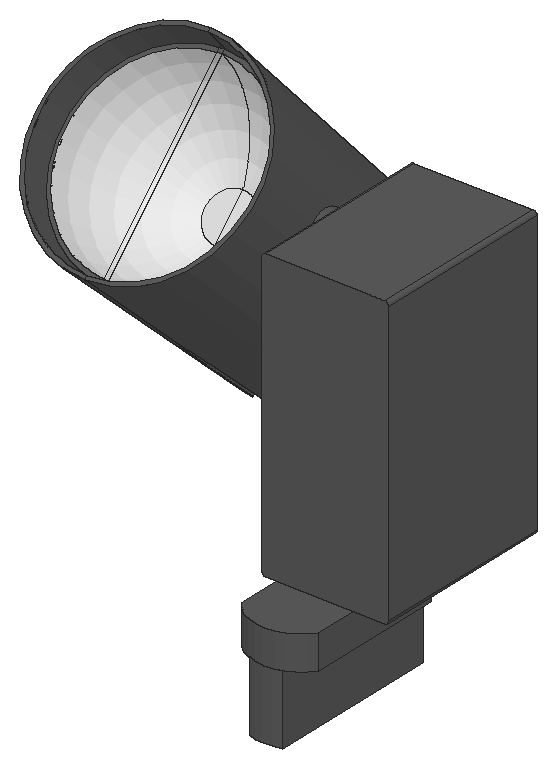
Revit family "0004851 Feilo Sylvania Lighting Fixture START TRACK SPOT S 24W 4K RA80 MB BLACK", category Lighting Fixtures, host Face, Revit 2017
Family settings
  Host = Face
  Round Connector Dimension = Use Diameter
  Part Type = Normal
  OmniClass Number = 23.80.70.00
  OmniClass Title = Lighting
  Cut with Voids When Loaded = No
  Light Source = No
  Shared = No
  Room Calculation Point = No
Parameters (values of type "0004851 START TRACK SPOT S 24W 4K RA80 MB BLACK")
  Weight = "0.966 kg"
  Wattage Comments = ""
  WarrantyStartDate [instance] = "n/a"
  WarrantyGuarantorParts = "n/a"
  WarrantyDurationUnit = "n/a"
  WarrantyDurationParts = "n/a"
  WarrantyDescription = "n/a"
  Voltage = 230 V
  URL = "http://www.sylvania-lighting.com"
  TypeName = "START TRACK SPOT S 24W 4K RA80 MB BLACK"
  TypeHead_FEILO = Start Track Spot Head : 0004851 START TRACK SPOT S 24W 4K RA80 MB BLACK
  TypeBox_FEILO = Start Track Spot Box : Type Small Black
  Type Image = <None>
  Type Comments = "n/a"
  VerticalRotation_FEILO [instance] = 0.00°
  SlideEndAngle_FEILO [instance] = VerticalRotation_FEILO + 180.00°  # 180.00°
  SerialNumber [instance] = "n/a"
  Material_3_FEILO = none
  PowerFactor = 0.95
  PowerConsumption = "24 W"
  NominalLength = 0 mm
  NominalHeight = 200 mm
  NominalDepth = 140 mm
  Name = "START TRACK SPOT S 24W 4K RA80 MB BLACK"
  ModelReference = Name  # "START TRACK SPOT S 24W 4K RA80 MB BLACK"
  ModelNumber = "0004851"
  Model = Name  # "START TRACK SPOT S 24W 4K RA80 MB BLACK"
  Material = "adc12 aluminium housing, polycarbonate diffuser"
  ManufacturerName = "Feilo Sylvania"
  Manufacturer = "Feilo Sylvania"
  LuminousEfficacy = "104 lm/W"
  LuminaireType = ""
  LightOutputRatio = "100"
  LampsType = Lamp  # "LED"
  LampNominalLuminous = "2487 lm"
  LampMacAdamStep = "3"
  LampColourTemperature = "4000 K"
  LampColourRenderingIndex = "80"
  Lamp = "LED"
  Keynote = "16500"
  InstallationDate [instance] = "n/a"
  InputVoltage = "230-240V~"
  InputNominalFrequency = "50/60 Hz"
  IngressProtection = "IP20"
  ImpactProtectionIndex = "IK02"
  IfcExportType = "IfcLightFixtureType"
  IfcExportAs = "IfcLightFixtureType"
  HorizontalRotation_FEILO [instance] = 45.00°
  ExpectedLife = 50000
  ElectricShockClassification = "Class II"
  DurationUnit = "hours"
  DocumentationLiterature = "http://www.sylvania-lighting.com/product/en-int/products/0004851"
  DimmingControlOptions = "Non dimmable"
  Material_2_FEILO = none
  Description = "Integrated LED spotlight, Textured Black - RAL9005, compact and minimalist design, ideal for retail applications, die-cast aluminium body, passive cooling heatsink. Beam angle: 36°, color temperature: 4000K , total system power: 24W, total fixture output: 2487 lm, LOR: 100%, colour rendering: Ra: 80 typical, LED Chromaticity: 3 step MacAdam ellipse, lifetime: >50000 hours at L70B50, energy class: A++, A+, A, IR/UV free light source without heat radiation, operating voltage: 220-240V / 50-60Hz, drive current: 600mA, electronic driver, non-dimmable, power factor: 0.95, electrical protection: Class II, Global Track 3 Phase adapter suitable for Global trac 3-circuit tracks, ingress protection rating: IP20, suitable for internal environment only, horizontal rotation: 355°, vertical tilt: 90°, dimensions: Ø86x140x200, weight: 0.966kg."
  Default Elevation = 1219.2 mm
  CreatedOn = "12/12/2017"
  CreatedBy = ""
  Cost = 0
  built-in parameter 1114216 [instance] = (empty or 0)
  ClassificationValue = "EF_70_80"
  ClassificationName = "Uniclass2015"
  Material_1_FEILO = Body-Sylvania-StartTrackSpot-Black
  BarCode [instance] = "n/a"
  AssetType = "Fixed"
  AssetIdentifier [instance] = "n/a"
  Assembly Code = "D5020200"
  Apparent Load = 24 VA
  Material_4_FEILO = none
Reference planes
  plane 1 "Center (Front/Back)": y = 0
  plane 2: z = 0
  plane 3 "Center (Left/Right)": x = 0
  plane 4: x = 15
  plane 5: x = -15
  plane 6: y = 35
  plane 7: y = -35
  plane 8: z = 13
  plane 9: z = -27
  plane 10: x = 6.5
  plane 11: x = -6.5
  plane 12: y = 27
  plane 13: y = -27
  plane 14: y = 20
Forms (mm)
  Extrusion 1, solid, material "Body-Sylvania-StartTrackSpot-Black" <- "Material_1_FEILO"
    sketch origin (0, 0, 0) x (1, 0, 0) y (0, 1, 0)
      loop
        line (-15, 27) -> (-15, -27)
        arc (-15, -27) -> (0, -35) -> (15, -27) r 18.062
        line (15, -27) -> (15, 27)
        arc (15, 27) -> (0, 35) -> (-15, 27) r 18.062
    from 0 to 13
  Extrusion 2, solid, material "Body-Sylvania-StartTrackSpot-Black" <- "Material_1_FEILO"
    sketch origin (0, 0, 0) x (1, 0, 0) y (0, 1, 0)
      loop
        arc (6.5, 33.79) -> (0, 35) -> (-6.5, 33.79) r 18.062
        line (-6.5, 33.79) -> (-6.5, -33.79)
        arc (-6.5, -33.79) -> (0, -35) -> (6.5, -33.79) r 18.062
        line (6.5, -33.79) -> (6.5, 33.79)
    from 0 to -27
  Revolve 3, solid, not visible
    sketch origin (1524, 20, 1219.2) x (1, 0, 0) y (0, 0, 1)
      loop
        line (-1524, -1206.2) -> (-1524, -1191.285) -> (-1530.5, -1191.285) -> (-1530.5, -1206.2) -> (-1524, -1206.2)
      axis (-1524, -1191.285) -> (-1524, -1206.2)
    angle from 0 <- "VerticalRotation_FEILO" to 180 <- "SlideEndAngle_FEILO"
Cuts and joins
  joined: Extrusion 1, Extrusion 2
Dimensions and locks
  equal spacing: plane 10, plane 3 "Center (Left/Right)", plane 11
  equal spacing: plane 4, plane 3 "Center (Left/Right)", plane 5
  locked: plane 8 to plane 2 at 13
  locked: plane 8 to plane 9 at 40
  equal spacing: plane 13, plane 1 "Center (Front/Back)", plane 12
  locked: plane 12 to plane 6 at 8
  locked: plane 14 to plane 6 at 15
  locked: Revolve 3 sketch curve to plane 8 at 14.915
  aligned and locked: plane 2 to host face
  aligned and locked: level to host face
  aligned and locked: plane 5 to Extrusion 1 sketch curve  (x2)
  aligned and locked: plane 12 to Extrusion 1 sketch curve
  aligned and locked: plane 13 to Extrusion 1 sketch curve
  aligned and locked: plane 4 to Extrusion 1 sketch curve
  aligned and locked: Extrusion 1 to plane 8
  aligned and locked: Extrusion 1 to level
  aligned and locked: Extrusion 2 sketch curve to Extrusion 1  (x2)
  aligned and locked: Extrusion 2 sketch curve to plane 11
  aligned and locked: plane 10 to Extrusion 2 sketch curve
  aligned and locked: plane 9 to Extrusion 2
  aligned and locked: level to Extrusion 2
  aligned and locked: Revolve 3 sketch curve to plane 3 "Center (Left/Right)"  (x2)
  aligned and locked: plane 11 to Revolve 3 sketch curve
  aligned and locked: Revolve 3 sketch curve to plane 8
Automatic sketch dimensions
  host sketch curve to host sketch curve = 2438.4 mm  (x2)
  Extrusion 1 sketch curve to plane 3 "Center (Left/Right)" = 0 mm  (x2)
  Extrusion 1 sketch curve to plane 13 = 10.062 mm
  plane 12 to Extrusion 1 sketch curve = 10.062 mm
  Revolve 3 sketch curve to plane 3 "Center (Left/Right)" = 0 mm
  plane 9 to Revolve 3 sketch curve = 582.6 mm
  Revolve 3 sketch curve to Revolve 3 sketch curve = 2581.144 mm
Nested families
  nested 1: "Start Track Spot Head" at (-62, 20, 112.529) x (0, 0.7071, 0.7071) z (0, 0.7071, -0.7071), type <- "TypeHead_FEILO", type "0004851 START TRACK SPOT S 24W 4K RA80 MB BLACK"
    with built-in parameter 1114216 (empty or 0)
  nested 2: "Start Track Spot Box" at (8.5, 20, 73) x (-1, 0, 0) z (0, -1, 0), BoxStartAngle_FEILO <- "HorizontalRotation_FEILO", type <- "TypeBox_FEILO", type "Type Small Black"
    with BoxStartAngle_FEILO 45.00°, BoxEndAngle_FEILO -135.00°
Connectors
  electrical at (0, 0, 0), driven by "Apparent Load", driven by "PowerFactor", driven by "Voltage"
    settings: index 1, voltage 230 V, apparent load 24 VA, apparent load phase1 0 VA, apparent load phase2 0 VA, apparent load phase3 0 VA, power factor 0.95, load classification "Lighting", number of poles 1, system type 30, power factor state 1, is connector primary yes, connector utility no, sub classification motor no, connector description ""
Definition of nested family "Start Track Spot Head"
  Parameters (values of type "0004811 START TRACK SPOT S 14W 3K RA80 NB WHITE")
    Wattage Comments = "n/a"
    Wattage = 14 W
    built-in parameter 1150110 = 1 (stored number, unit not read)
    URL = "http://www.feilosylvania.com"
    Type Image = (empty or 0)
    Type Comments = "n/a"
    built-in parameter 1114217 = 1 (stored number, unit not read)
    Tilt Angle = -90.00°
    built-in parameter 1150109 = 1 (stored number, unit not read)
    built-in parameter 1150134 = (empty or 0)
    built-in parameter 1150113 = 1 (stored number, unit not read)
    Photometric Web File = "0004811.ies"
    Material_3_FEILO = none
    Model = "START TRACK SPOT S 14W 3K RA80 NB WHITE"
    Manufacturer = "Feilo Sylvania"
    built-in parameter 1150105 = 123.66 (stored number, unit not read)
    Lumens = 1554 lm
    built-in parameter 1150115 = 1 (stored number, unit not read)
    built-in parameter 1150137 = (empty or 0)
    built-in parameter 1150139 = (empty or 0)
    built-in parameter 1150112 = 1 (stored number, unit not read)
    built-in parameter 1150114 = 1 (stored number, unit not read)
    Lamp = "LED"
    Keynote = "16500"
    Material_2_FEILO = none
    built-in parameter 1150132 = (empty or 0)
    built-in parameter 1150102 = (empty or 0)
    built-in parameter 1150107 = 3000 (stored number, unit not read)
    built-in parameter 1150138 = (empty or 0)
    built-in parameter 1150106 = 1.2366 (stored number, unit not read)
    HeadThickness_FEILO = if(HeadDiaOut_FEILO > 112 mm, 2 mm, 1.5 mm)  # 1.5 mm
    HeadRibOffset_FEILO = HeadHeight_FEILO / 28  # 4.179 mm
    HeadRibDepth_FEILO = HeadHeight_FEILO / 2.1  # 55.714 mm
    HeadRibCutWidth_FEILO = HeadDiaOut_FEILO / 12  # 7.167 mm
    HeadRibCutOffset_FEILO = HeadHeight_FEILO / 2.3  # 50.87 mm
    HeadReflectorRadius_FEILO = HeadDiaOut_FEILO / 1.7  # 50.588 mm
    HeadReflectorOffset_FEILO = HeadHeight_FEILO / 2.1  # 55.714 mm
    HeadLEDRadius_FEILO = HeadDiaOut_FEILO / 9  # 9.556 mm
    HeadHeight_FEILO = 117 mm
    HeadDraft_FEILO = 1 mm
    HeadDiffusorThickness_FEILO = 3 mm
    HeadDiffusorOffset_FEILO = HeadHeight_FEILO / 12.4  # 9.435 mm
    HeadDiaOut_FEILO = 86 mm
    HeadDiaIn_FEILO = HeadDiaOut_FEILO / 1.11  # 77.477 mm
    HeadAxisFromTop_FEILO = HeadHeight_FEILO / 1.687  # 69.354 mm
    Emit from Circle Diameter = HeadDiaIn_FEILO  # 77.477 mm
    Emit Shape Visible in Rendering = no
    built-in parameter 1150104 = 10.312 (stored number, unit not read)
    Dimming Lamp Color Temperature Shift = (empty or 0)
    Description = "Integrated LED spotlight, Textured White - RAL9016, compact and minimalist design, ideal for retail applications, die-cast aluminium body, passive cooling heatsink. Beam angle: 12°, color temperature: 3000K , total system power: 14W, total fixture output: 1551 lm, LOR: 100%, colour rendering: Ra: 80 typical, LED Chromaticity: 3 step MacAdam ellipse, lifetime: >50000 hours at L70B50, energy class: A++, A+, A, IR/UV free light source without heat radiation, operating voltage: 220-240V / 50-60Hz, drive current: 350mA, electronic driver, non-dimmable, power factor: 0.92, electrical protection: Class II, Global Track 3 Phase adapter suitable for Global trac 3-circuit tracks, ingress protection rating: IP20, suitable for internal environment only, horizontal rotation: 355°, vertical tilt: 90°, dimensions: Ø86x140x200, weight: 0.940kg."
    Default Elevation = 1219.2 mm
    Cost = 0
    Color Filter = 16777215
    built-in parameter 1114216 [instance] = (empty or 0)
    Material_1_FEILO = none
    built-in parameter 1114218 = 1 (stored number, unit not read)
    built-in parameter 1150133 = 10 (stored number, unit not read)
    Assembly Code = "D5020200"
    Apparent Load = 14 VA
    Material_4_FEILO = none
  Types (96, lengths in mm): name | Wattage | built-in parameter 1150134 | Photometric Web File | Model | built-in parameter 1150105 | Lumens | built-in parameter 1150107 | built-in parameter 1150106 | HeadThickness_FEILO | HeadRibOffset_FEILO | HeadRibDepth_FEILO | HeadRibCutWidth_FEILO | HeadRibCutOffset_FEILO | HeadReflectorRadius_FEILO | HeadReflectorOffset_FEILO | HeadLEDRadius_FEILO | HeadHeight_FEILO | HeadDiffusorOffset_FEILO | HeadDiaOut_FEILO | HeadDiaIn_FEILO | HeadAxisFromTop_FEILO | Emit from Circle Diameter | built-in parameter 1150104 | Description | Apparent Load
    0004906 START TRACK SPOT L 55W 4K RA90 WB BLACK | 55 W | 12 | "0004906.ies" | "START TRACK SPOT L 55W 4K RA90 WB BLACK" | 385.15 (stored number, unit not read) | 4840 lm | 4000 (stored number, unit not read) | 3.8515 (stored number, unit not read) | 2 | 4.429 | 59.048 | 9.417 | 53.913 | 66.471 | 59.048 | 12.556 | 124 | 10 | 113 | 101.802 | 73.503 | 101.802 | 8.1755 (stored number, unit not read) | "Integrated LED spotlight, Textured Black - RAL9005, compact and minimalist design, ideal for retail applications, die-cast aluminium body, passive cooling heatsink. Beam angle: 52°, color temperature: 4000K , total system power: 55W, total fixture output: 4824 lm, LOR: 100%, colour rendering: Ra: 90 typical, LED Chromaticity: 3 step MacAdam ellipse, lifetime: >50000 hours at L70B50, energy class: A++, A+, A, IR/UV free light source without heat radiation, operating voltage: 220-240V / 50-60Hz, drive current: 1400mA, electronic driver, non-dimmable, power factor: 0.96, electrical protection: Class II, Global Track 3 Phase adapter suitable for Global trac 3-circuit tracks, ingress protection rating: IP20, suitable for internal environment only, horizontal rotation: 355°, vertical tilt: 90°, dimensions: Ø113x164x240, weight: 1.398kg." | 55 VA
    0004905 START TRACK SPOT L 55W 4K RA90 MB BLACK | 55 W | 12 | "0004905.ies" | "START TRACK SPOT L 55W 4K RA90 MB BLACK" | 389.53 (stored number, unit not read) | 4895 lm | 4000 (stored number, unit not read) | 3.8953 (stored number, unit not read) | 2 | 4.429 | 59.048 | 9.417 | 53.913 | 66.471 | 59.048 | 12.556 | 124 | 10 | 113 | 101.802 | 73.503 | 101.802 | 8.2684 (stored number, unit not read) | "Integrated LED spotlight, Textured Black - RAL9005, compact and minimalist design, ideal for retail applications, die-cast aluminium body, passive cooling heatsink. Beam angle: 38°, color temperature: 4000K , total system power: 55W, total fixture output: 4897 lm, LOR: 100%, colour rendering: Ra: 90 typical, LED Chromaticity: 3 step MacAdam ellipse, lifetime: >50000 hours at L70B50, energy class: A++, A+, A, IR/UV free light source without heat radiation, operating voltage: 220-240V / 50-60Hz, drive current: 1400mA, electronic driver, non-dimmable, power factor: 0.96, electrical protection: Class II, Global Track 3 Phase adapter suitable for Global trac 3-circuit tracks, ingress protection rating: IP20, suitable for internal environment only, horizontal rotation: 355°, vertical tilt: 90°, dimensions: Ø113x164x240, weight: 1.398kg." | 55 VA
    0004904 START TRACK SPOT L 55W 4K RA90 NB BLACK | 55 W | 12 | "0004904.ies" | "START TRACK SPOT L 55W 4K RA90 NB BLACK" | 393.91 (stored number, unit not read) | 4950 lm | 4000 (stored number, unit not read) | 3.9391 (stored number, unit not read) | 2 | 4.429 | 59.048 | 9.417 | 53.913 | 66.471 | 59.048 | 12.556 | 124 | 10 | 113 | 101.802 | 73.503 | 101.802 | 8.3613 (stored number, unit not read) | "Integrated LED spotlight, Textured Black - RAL9005, compact and minimalist design, ideal for retail applications, die-cast aluminium body, passive cooling heatsink. Beam angle: 15°, color temperature: 4000K , total system power: 55W, total fixture output: 4965 lm, LOR: 100%, colour rendering: Ra: 90 typical, LED Chromaticity: 3 step MacAdam ellipse, lifetime: >50000 hours at L70B50, energy class: A++, A+, A, IR/UV free light source without heat radiation, operating voltage: 220-240V / 50-60Hz, drive current: 1400mA, electronic driver, non-dimmable, power factor: 0.96, electrical protection: Class II, Global Track 3 Phase adapter suitable for Global trac 3-circuit tracks, ingress protection rating: IP20, suitable for internal environment only, horizontal rotation: 355°, vertical tilt: 90°, dimensions: Ø113x164x240, weight: 1.398kg." | 55 VA
    0004903 START TRACK SPOT L 35W 4K RA90 WB BLACK | 35 W | 12 | "0004903.ies" | "START TRACK SPOT L 35W 4K RA90 WB BLACK" | 284.09 (stored number, unit not read) | 3570 lm | 4000 (stored number, unit not read) | 2.8409 (stored number, unit not read) | 2 | 4.429 | 59.048 | 9.417 | 53.913 | 66.471 | 59.048 | 12.556 | 124 | 10 | 113 | 101.802 | 73.503 | 101.802 | 9.4761 (stored number, unit not read) | "Integrated LED spotlight, Textured Black - RAL9005, compact and minimalist design, ideal for retail applications, die-cast aluminium body, passive cooling heatsink. Beam angle: 52°, color temperature: 4000K , total system power: 35W, total fixture output: 3562 lm, LOR: 100%, colour rendering: Ra: 90 typical, LED Chromaticity: 3 step MacAdam ellipse, lifetime: >50000 hours at L70B50, energy class: A++, A+, A, IR/UV free light source without heat radiation, operating voltage: 220-240V / 50-60Hz, drive current: 900mA, electronic driver, non-dimmable, power factor: 0.93, electrical protection: Class II, Global Track 3 Phase adapter suitable for Global trac 3-circuit tracks, ingress protection rating: IP20, suitable for internal environment only, horizontal rotation: 355°, vertical tilt: 90°, dimensions: Ø113x164x240, weight: 1.368kg." | 35 VA
    0004902 START TRACK SPOT L 35W 4K RA90 MB BLACK | 35 W | 12 | "0004902.ies" | "START TRACK SPOT L 35W 4K RA90 MB BLACK" | 286.88 (stored number, unit not read) | 3605 lm | 4000 (stored number, unit not read) | 2.8688 (stored number, unit not read) | 2 | 4.429 | 59.048 | 9.417 | 53.913 | 66.471 | 59.048 | 12.556 | 124 | 10 | 113 | 101.802 | 73.503 | 101.802 | 9.569 (stored number, unit not read) | "Integrated LED spotlight, Textured Black - RAL9005, compact and minimalist design, ideal for retail applications, die-cast aluminium body, passive cooling heatsink. Beam angle: 38°, color temperature: 4000K , total system power: 35W, total fixture output: 3616 lm, LOR: 100%, colour rendering: Ra: 90 typical, LED Chromaticity: 3 step MacAdam ellipse, lifetime: >50000 hours at L70B50, energy class: A++, A+, A, IR/UV free light source without heat radiation, operating voltage: 220-240V / 50-60Hz, drive current: 900mA, electronic driver, non-dimmable, power factor: 0.93, electrical protection: Class II, Global Track 3 Phase adapter suitable for Global trac 3-circuit tracks, ingress protection rating: IP20, suitable for internal environment only, horizontal rotation: 355°, vertical tilt: 90°, dimensions: Ø113x164x240, weight: 1.368kg." | 35 VA
    0004901 START TRACK SPOT L 35W 4K RA90 NB BLACK | 35 W | 12 | "0004901.ies" | "START TRACK SPOT L 35W 4K RA90 NB BLACK" | 286.88 (stored number, unit not read) | 3605 lm | 4000 (stored number, unit not read) | 2.8688 (stored number, unit not read) | 2 | 4.429 | 59.048 | 9.417 | 53.913 | 66.471 | 59.048 | 12.556 | 124 | 10 | 113 | 101.802 | 73.503 | 101.802 | 9.569 (stored number, unit not read) | "Integrated LED spotlight, Textured Black - RAL9005, compact and minimalist design, ideal for retail applications, die-cast aluminium body, passive cooling heatsink. Beam angle: 15°, color temperature: 4000K , total system power: 35W, total fixture output: 3593 lm, LOR: 100%, colour rendering: Ra: 90 typical, LED Chromaticity: 3 step MacAdam ellipse, lifetime: >50000 hours at L70B50, energy class: A++, A+, A, IR/UV free light source without heat radiation, operating voltage: 220-240V / 50-60Hz, drive current: 900mA, electronic driver, non-dimmable, power factor: 0.93, electrical protection: Class II, Global Track 3 Phase adapter suitable for Global trac 3-circuit tracks, ingress protection rating: IP20, suitable for internal environment only, horizontal rotation: 355°, vertical tilt: 90°, dimensions: Ø113x164x240, weight: 1.368kg." | 35 VA
    0004900 START TRACK SPOT S 24W 4K RA90 WB BLACK | 24 W | 12 | "0004900.ies" | "START TRACK SPOT S 24W 4K RA90 WB BLACK" | 166.16 (stored number, unit not read) | 2088 lm | 4000 (stored number, unit not read) | 1.6616 (stored number, unit not read) | 1.5 | 4.179 | 55.714 | 7.167 | 50.87 | 50.588 | 55.714 | 9.556 | 117 | 9.435 | 86 | 77.477 | 69.354 | 77.477 | 8.0826 (stored number, unit not read) | "Integrated LED spotlight, Textured Black - RAL9005, compact and minimalist design, ideal for retail applications, die-cast aluminium body, passive cooling heatsink. Beam angle: 64°, color temperature: 4000K , total system power: 24W, total fixture output: 2087 lm, LOR: 100%, colour rendering: Ra: 90 typical, LED Chromaticity: 3 step MacAdam ellipse, lifetime: >50000 hours at L70B50, energy class: A++, A+, A, IR/UV free light source without heat radiation, operating voltage: 220-240V / 50-60Hz, drive current: 600mA, electronic driver, non-dimmable, power factor: 0.95, electrical protection: Class II, Global Track 3 Phase adapter suitable for Global trac 3-circuit tracks, ingress protection rating: IP20, suitable for internal environment only, horizontal rotation: 355°, vertical tilt: 90°, dimensions: Ø86x140x200, weight: 0.966kg." | 24 VA
    0004899 START TRACK SPOT S 24W 4K RA90 MB BLACK | 24 W | 12 | "0004899.ies" | "START TRACK SPOT S 24W 4K RA90 MB BLACK" | 169.98 (stored number, unit not read) | 2136 lm | 4000 (stored number, unit not read) | 1.6998 (stored number, unit not read) | 1.5 | 4.179 | 55.714 | 7.167 | 50.87 | 50.588 | 55.714 | 9.556 | 117 | 9.435 | 86 | 77.477 | 69.354 | 77.477 | 8.2684 (stored number, unit not read) | "Integrated LED spotlight, Textured Black - RAL9005, compact and minimalist design, ideal for retail applications, die-cast aluminium body, passive cooling heatsink. Beam angle: 36°, color temperature: 4000K , total system power: 24W, total fixture output: 2141 lm, LOR: 100%, colour rendering: Ra: 90 typical, LED Chromaticity: 3 step MacAdam ellipse, lifetime: >50000 hours at L70B50, energy class: A++, A+, A, IR/UV free light source without heat radiation, operating voltage: 220-240V / 50-60Hz, drive current: 600mA, electronic driver, non-dimmable, power factor: 0.95, electrical protection: Class II, Global Track 3 Phase adapter suitable for Global trac 3-circuit tracks, ingress protection rating: IP20, suitable for internal environment only, horizontal rotation: 355°, vertical tilt: 90°, dimensions: Ø86x140x200, weight: 0.966kg." | 24 VA
    0004898 START TRACK SPOT S 24W 4K RA90 NB BLACK | 24 W | 12 | "0004898.ies" | "START TRACK SPOT S 24W 4K RA90 NB BLACK" | 171.89 (stored number, unit not read) | 2160 lm | 4000 (stored number, unit not read) | 1.7189 (stored number, unit not read) | 1.5 | 4.179 | 55.714 | 7.167 | 50.87 | 50.588 | 55.714 | 9.556 | 117 | 9.435 | 86 | 77.477 | 69.354 | 77.477 | 8.3613 (stored number, unit not read) | "Integrated LED spotlight, Textured Black - RAL9005, compact and minimalist design, ideal for retail applications, die-cast aluminium body, passive cooling heatsink. Beam angle: 12°, color temperature: 4000K , total system power: 24W, total fixture output: 2155 lm, LOR: 100%, colour rendering: Ra: 90 typical, LED Chromaticity: 3 step MacAdam ellipse, lifetime: >50000 hours at L70B50, energy class: A++, A+, A, IR/UV free light source without heat radiation, operating voltage: 220-240V / 50-60Hz, drive current: 600mA, electronic driver, non-dimmable, power factor: 0.95, electrical protection: Class II, Global Track 3 Phase adapter suitable for Global trac 3-circuit tracks, ingress protection rating: IP20, suitable for internal environment only, horizontal rotation: 355°, vertical tilt: 90°, dimensions: Ø86x140x200, weight: 0.966kg." | 24 VA
    0004897 START TRACK SPOT S 14W 4K RA90 WB BLACK | 14 W | 12 | "0004897.ies" | "START TRACK SPOT S 14W 4K RA90 WB BLACK" | 108.07 (stored number, unit not read) | 1358 lm | 4000 (stored number, unit not read) | 1.0807 (stored number, unit not read) | 1.5 | 4.179 | 55.714 | 7.167 | 50.87 | 50.588 | 55.714 | 9.556 | 117 | 9.435 | 86 | 77.477 | 69.354 | 77.477 | 9.0116 (stored number, unit not read) | "Integrated LED spotlight, Textured Black - RAL9005, compact and minimalist design, ideal for retail applications, die-cast aluminium body, passive cooling heatsink. Beam angle: 64°, color temperature: 4000K , total system power: 14W, total fixture output: 1352 lm, LOR: 100%, colour rendering: Ra: 90 typical, LED Chromaticity: 3 step MacAdam ellipse, lifetime: >50000 hours at L70B50, energy class: A++, A+, A, IR/UV free light source without heat radiation, operating voltage: 220-240V / 50-60Hz, drive current: 350mA, electronic driver, non-dimmable, power factor: 0.92, electrical protection: Class II, Global Track 3 Phase adapter suitable for Global trac 3-circuit tracks, ingress protection rating: IP20, suitable for internal environment only, horizontal rotation: 355°, vertical tilt: 90°, dimensions: Ø86x140x200, weight: 0.940kg." | 14 VA
    0004896 START TRACK SPOT S 14W 4K RA90 MB BLACK | 14 W | 12 | "0004896.ies" | "START TRACK SPOT S 14W 4K RA90 MB BLACK" | 108.07 (stored number, unit not read) | 1358 lm | 4000 (stored number, unit not read) | 1.0807 (stored number, unit not read) | 1.5 | 4.179 | 55.714 | 7.167 | 50.87 | 50.588 | 55.714 | 9.556 | 117 | 9.435 | 86 | 77.477 | 69.354 | 77.477 | 9.0116 (stored number, unit not read) | "Integrated LED spotlight, Textured Black - RAL9005, compact and minimalist design, ideal for retail applications, die-cast aluminium body, passive cooling heatsink. Beam angle: 36°, color temperature: 4000K , total system power: 14W, total fixture output: 1359 lm, LOR: 100%, colour rendering: Ra: 90 typical, LED Chromaticity: 3 step MacAdam ellipse, lifetime: >50000 hours at L70B50, energy class: A++, A+, A, IR/UV free light source without heat radiation, operating voltage: 220-240V / 50-60Hz, drive current: 350mA, electronic driver, non-dimmable, power factor: 0.92, electrical protection: Class II, Global Track 3 Phase adapter suitable for Global trac 3-circuit tracks, ingress protection rating: IP20, suitable for internal environment only, horizontal rotation: 355°, vertical tilt: 90°, dimensions: Ø86x140x200, weight: 0.940kg." | 14 VA
    0004895 START TRACK SPOT S 14W 4K RA90 NB BLACK | 14 W | 12 | "0004895.ies" | "START TRACK SPOT S 14W 4K RA90 NB BLACK" | 106.95 (stored number, unit not read) | 1344 lm | 4000 (stored number, unit not read) | 1.0695 (stored number, unit not read) | 1.5 | 4.179 | 55.714 | 7.167 | 50.87 | 50.588 | 55.714 | 9.556 | 117 | 9.435 | 86 | 77.477 | 69.354 | 77.477 | 8.9187 (stored number, unit not read) | "Integrated LED spotlight, Textured Black - RAL9005, compact and minimalist design, ideal for retail applications, die-cast aluminium body, passive cooling heatsink. Beam angle: 12°, color temperature: 4000K , total system power: 14W, total fixture output: 1349 lm, LOR: 100%, colour rendering: Ra: 90 typical, LED Chromaticity: 3 step MacAdam ellipse, lifetime: >50000 hours at L70B50, energy class: A++, A+, A, IR/UV free light source without heat radiation, operating voltage: 220-240V / 50-60Hz, drive current: 350mA, electronic driver, non-dimmable, power factor: 0.92, electrical protection: Class II, Global Track 3 Phase adapter suitable for Global trac 3-circuit tracks, ingress protection rating: IP20, suitable for internal environment only, horizontal rotation: 355°, vertical tilt: 90°, dimensions: Ø86x140x200, weight: 0.940kg." | 14 VA
    0004894 START TRACK SPOT L 55W 3K RA90 WB BLACK | 55 W | (empty or 0) | "0004894.ies" | "START TRACK SPOT L 55W 3K RA90 WB BLACK" | 350.14 (stored number, unit not read) | 4400 lm | 3000 (stored number, unit not read) | 3.5014 (stored number, unit not read) | 2 | 4.429 | 59.048 | 9.417 | 53.913 | 66.471 | 59.048 | 12.556 | 124 | 10 | 113 | 101.802 | 73.503 | 101.802 | 7.4322 (stored number, unit not read) | "Integrated LED spotlight, Textured Black - RAL9005, compact and minimalist design, ideal for retail applications, die-cast aluminium body, passive cooling heatsink. Beam angle: 52°, color temperature: 3000K , total system power: 55W, total fixture output: 4405 lm, LOR: 100%, colour rendering: Ra: 90 typical, LED Chromaticity: 3 step MacAdam ellipse, lifetime: >50000 hours at L70B50, energy class: A++, A+, A, IR/UV free light source without heat radiation, operating voltage: 220-240V / 50-60Hz, drive current: 1400mA, electronic driver, non-dimmable, power factor: 0.96, electrical protection: Class II, Global Track 3 Phase adapter suitable for Global trac 3-circuit tracks, ingress protection rating: IP20, suitable for internal environment only, horizontal rotation: 355°, vertical tilt: 90°, dimensions: Ø113x164x240, weight: 1.398kg." | 55 VA
    0004893 START TRACK SPOT L 55W 3K RA90 MB BLACK | 55 W | (empty or 0) | "0004893.ies" | "START TRACK SPOT L 55W 3K RA90 MB BLACK" | 354.52 (stored number, unit not read) | 4455 lm | 3000 (stored number, unit not read) | 3.5452 (stored number, unit not read) | 2 | 4.429 | 59.048 | 9.417 | 53.913 | 66.471 | 59.048 | 12.556 | 124 | 10 | 113 | 101.802 | 73.503 | 101.802 | 7.5251 (stored number, unit not read) | "Integrated LED spotlight, Textured Black - RAL9005, compact and minimalist design, ideal for retail applications, die-cast aluminium body, passive cooling heatsink. Beam angle: 38°, color temperature: 3000K , total system power: 55W, total fixture output: 4448 lm, LOR: 100%, colour rendering: Ra: 90 typical, LED Chromaticity: 3 step MacAdam ellipse, lifetime: >50000 hours at L70B50, energy class: A++, A+, A, IR/UV free light source without heat radiation, operating voltage: 220-240V / 50-60Hz, drive current: 1400mA, electronic driver, non-dimmable, power factor: 0.96, electrical protection: Class II, Global Track 3 Phase adapter suitable for Global trac 3-circuit tracks, ingress protection rating: IP20, suitable for internal environment only, horizontal rotation: 355°, vertical tilt: 90°, dimensions: Ø113x164x240, weight: 1.398kg." | 55 VA
    0004892 START TRACK SPOT L 55W 3K RA90 NB BLACK | 55 W | (empty or 0) | "0004892.ies" | "START TRACK SPOT L 55W 3K RA90 NB BLACK" | 350.14 (stored number, unit not read) | 4400 lm | 3000 (stored number, unit not read) | 3.5014 (stored number, unit not read) | 2 | 4.429 | 59.048 | 9.417 | 53.913 | 66.471 | 59.048 | 12.556 | 124 | 10 | 113 | 101.802 | 73.503 | 101.802 | 7.4322 (stored number, unit not read) | "Integrated LED spotlight, Textured Black - RAL9005, compact and minimalist design, ideal for retail applications, die-cast aluminium body, passive cooling heatsink. Beam angle: 15°, color temperature: 3000K , total system power: 55W, total fixture output: 4416 lm, LOR: 100%, colour rendering: Ra: 90 typical, LED Chromaticity: 3 step MacAdam ellipse, lifetime: >50000 hours at L70B50, energy class: A++, A+, A, IR/UV free light source without heat radiation, operating voltage: 220-240V / 50-60Hz, drive current: 1400mA, electronic driver, non-dimmable, power factor: 0.96, electrical protection: Class II, Global Track 3 Phase adapter suitable for Global trac 3-circuit tracks, ingress protection rating: IP20, suitable for internal environment only, horizontal rotation: 355°, vertical tilt: 90°, dimensions: Ø113x164x240, weight: 1.398kg." | 55 VA
    0004891 START TRACK SPOT L 35W 3K RA90 WB BLACK | 35 W | (empty or 0) | "0004891.ies" | "START TRACK SPOT L 35W 3K RA90 WB BLACK" | 259.02 (stored number, unit not read) | 3255 lm | 3000 (stored number, unit not read) | 2.5902 (stored number, unit not read) | 2 | 4.429 | 59.048 | 9.417 | 53.913 | 66.471 | 59.048 | 12.556 | 124 | 10 | 113 | 101.802 | 73.503 | 101.802 | 8.64 (stored number, unit not read) | "Integrated LED spotlight, Textured Black - RAL9005, compact and minimalist design, ideal for retail applications, die-cast aluminium body, passive cooling heatsink. Beam angle: 52°, color temperature: 3000K , total system power: 35W, total fixture output: 3260 lm, LOR: 100%, colour rendering: Ra: 90 typical, LED Chromaticity: 3 step MacAdam ellipse, lifetime: >50000 hours at L70B50, energy class: A++, A+, A, IR/UV free light source without heat radiation, operating voltage: 220-240V / 50-60Hz, drive current: 900mA, electronic driver, non-dimmable, power factor: 0.93, electrical protection: Class II, Global Track 3 Phase adapter suitable for Global trac 3-circuit tracks, ingress protection rating: IP20, suitable for internal environment only, horizontal rotation: 355°, vertical tilt: 90°, dimensions: Ø113x164x240, weight: 1.368kg." | 35 VA
    0004890 START TRACK SPOT L 35W 3K RA90 MB BLACK | 35 W | (empty or 0) | "0004890.ies" | "START TRACK SPOT L 35W 3K RA90 MB BLACK" | 261.81 (stored number, unit not read) | 3290 lm | 3000 (stored number, unit not read) | 2.6181 (stored number, unit not read) | 2 | 4.429 | 59.048 | 9.417 | 53.913 | 66.471 | 59.048 | 12.556 | 124 | 10 | 113 | 101.802 | 73.503 | 101.802 | 8.7329 (stored number, unit not read) | "Integrated LED spotlight, Textured Black - RAL9005, compact and minimalist design, ideal for retail applications, die-cast aluminium body, passive cooling heatsink. Beam angle: 38°, color temperature: 3000K , total system power: 35W, total fixture output: 3306 lm, LOR: 100%, colour rendering: Ra: 90 typical, LED Chromaticity: 3 step MacAdam ellipse, lifetime: >50000 hours at L70B50, energy class: A++, A+, A, IR/UV free light source without heat radiation, operating voltage: 220-240V / 50-60Hz, drive current: 900mA, electronic driver, non-dimmable, power factor: 0.93, electrical protection: Class II, Global Track 3 Phase adapter suitable for Global trac 3-circuit tracks, ingress protection rating: IP20, suitable for internal environment only, horizontal rotation: 355°, vertical tilt: 90°, dimensions: Ø113x164x240, weight: 1.368kg." | 35 VA
    0004889 START TRACK SPOT L 35W 3K RA90 NB BLACK | 35 W | (empty or 0) | "0004889.ies" | "START TRACK SPOT L 35W 3K RA90 NB BLACK" | 261.81 (stored number, unit not read) | 3290 lm | 3000 (stored number, unit not read) | 2.6181 (stored number, unit not read) | 2 | 4.429 | 59.048 | 9.417 | 53.913 | 66.471 | 59.048 | 12.556 | 124 | 10 | 113 | 101.802 | 73.503 | 101.802 | 8.7329 (stored number, unit not read) | "Integrated LED spotlight, Textured Black - RAL9005, compact and minimalist design, ideal for retail applications, die-cast aluminium body, passive cooling heatsink. Beam angle: 15°, color temperature: 3000K , total system power: 35W, total fixture output: 3287 lm, LOR: 100%, colour rendering: Ra: 90 typical, LED Chromaticity: 3 step MacAdam ellipse, lifetime: >50000 hours at L70B50, energy class: A++, A+, A, IR/UV free light source without heat radiation, operating voltage: 220-240V / 50-60Hz, drive current: 900mA, electronic driver, non-dimmable, power factor: 0.93, electrical protection: Class II, Global Track 3 Phase adapter suitable for Global trac 3-circuit tracks, ingress protection rating: IP20, suitable for internal environment only, horizontal rotation: 355°, vertical tilt: 90°, dimensions: Ø113x164x240, weight: 1.368kg." | 35 VA
    0004888 START TRACK SPOT S 24W 3K RA90 WB BLACK | 24 W | (empty or 0) | "0004888.ies" | "START TRACK SPOT S 24W 3K RA90 WB BLACK" | 152.79 (stored number, unit not read) | 1920 lm | 3000 (stored number, unit not read) | 1.5279 (stored number, unit not read) | 1.5 | 4.179 | 55.714 | 7.167 | 50.87 | 50.588 | 55.714 | 9.556 | 117 | 9.435 | 86 | 77.477 | 69.354 | 77.477 | 7.4322 (stored number, unit not read) | "Integrated LED spotlight, Textured Black - RAL9005, compact and minimalist design, ideal for retail applications, die-cast aluminium body, passive cooling heatsink. Beam angle: 64°, color temperature: 3000K , total system power: 24W, total fixture output: 1928 lm, LOR: 100%, colour rendering: Ra: 90 typical, LED Chromaticity: 3 step MacAdam ellipse, lifetime: >50000 hours at L70B50, energy class: A++, A+, A, IR/UV free light source without heat radiation, operating voltage: 220-240V / 50-60Hz, drive current: 600mA, electronic driver, non-dimmable, power factor: 0.95, electrical protection: Class II, Global Track 3 Phase adapter suitable for Global trac 3-circuit tracks, ingress protection rating: IP20, suitable for internal environment only, horizontal rotation: 355°, vertical tilt: 90°, dimensions: Ø86x140x200, weight: 0.966kg." | 24 VA
    0004887 START TRACK SPOT S 24W 3K RA90 MB BLACK | 24 W | (empty or 0) | "0004887.ies" | "START TRACK SPOT S 24W 3K RA90 MB BLACK" | 154.7 (stored number, unit not read) | 1944 lm | 3000 (stored number, unit not read) | 1.547 (stored number, unit not read) | 1.5 | 4.179 | 55.714 | 7.167 | 50.87 | 50.588 | 55.714 | 9.556 | 117 | 9.435 | 86 | 77.477 | 69.354 | 77.477 | 7.5251 (stored number, unit not read) | "Integrated LED spotlight, Textured Black - RAL9005, compact and minimalist design, ideal for retail applications, die-cast aluminium body, passive cooling heatsink. Beam angle: 36°, color temperature: 3000K , total system power: 24W, total fixture output: 1944 lm, LOR: 100%, colour rendering: Ra: 90 typical, LED Chromaticity: 3 step MacAdam ellipse, lifetime: >50000 hours at L70B50, energy class: A++, A+, A, IR/UV free light source without heat radiation, operating voltage: 220-240V / 50-60Hz, drive current: 600mA, electronic driver, non-dimmable, power factor: 0.95, electrical protection: Class II, Global Track 3 Phase adapter suitable for Global trac 3-circuit tracks, ingress protection rating: IP20, suitable for internal environment only, horizontal rotation: 355°, vertical tilt: 90°, dimensions: Ø86x140x200, weight: 0.966kg." | 24 VA
    0004886 START TRACK SPOT S 24W 3K RA90 NB BLACK | 24 W | (empty or 0) | "0004886.ies" | "START TRACK SPOT S 24W 3K RA90 NB BLACK" | 158.52 (stored number, unit not read) | 1992 lm | 3000 (stored number, unit not read) | 1.5852 (stored number, unit not read) | 1.5 | 4.179 | 55.714 | 7.167 | 50.87 | 50.588 | 55.714 | 9.556 | 117 | 9.435 | 86 | 77.477 | 69.354 | 77.477 | 7.711 (stored number, unit not read) | "Integrated LED spotlight, Textured Black - RAL9005, compact and minimalist design, ideal for retail applications, die-cast aluminium body, passive cooling heatsink. Beam angle: 12°, color temperature: 3000K , total system power: 24W, total fixture output: 1987 lm, LOR: 100%, colour rendering: Ra: 90 typical, LED Chromaticity: 3 step MacAdam ellipse, lifetime: >50000 hours at L70B50, energy class: A++, A+, A, IR/UV free light source without heat radiation, operating voltage: 220-240V / 50-60Hz, drive current: 600mA, electronic driver, non-dimmable, power factor: 0.95, electrical protection: Class II, Global Track 3 Phase adapter suitable for Global trac 3-circuit tracks, ingress protection rating: IP20, suitable for internal environment only, horizontal rotation: 355°, vertical tilt: 90°, dimensions: Ø86x140x200, weight: 0.966kg." | 24 VA
    0004885 START TRACK SPOT S 14W 3K RA90 WB BLACK | 14 W | (empty or 0) | "0004885.ies" | "START TRACK SPOT S 14W 3K RA90 WB BLACK" | 100.27 (stored number, unit not read) | 1260 lm | 3000 (stored number, unit not read) | 1.0027 (stored number, unit not read) | 1.5 | 4.179 | 55.714 | 7.167 | 50.87 | 50.588 | 55.714 | 9.556 | 117 | 9.435 | 86 | 77.477 | 69.354 | 77.477 | 8.3613 (stored number, unit not read) | "Integrated LED spotlight, Textured Black - RAL9005, compact and minimalist design, ideal for retail applications, die-cast aluminium body, passive cooling heatsink. Beam angle: 64°, color temperature: 3000K , total system power: 14W, total fixture output: 1262 lm, LOR: 100%, colour rendering: Ra: 90 typical, LED Chromaticity: 3 step MacAdam ellipse, lifetime: >50000 hours at L70B50, energy class: A++, A+, A, IR/UV free light source without heat radiation, operating voltage: 220-240V / 50-60Hz, drive current: 350mA, electronic driver, non-dimmable, power factor: 0.92, electrical protection: Class II, Global Track 3 Phase adapter suitable for Global trac 3-circuit tracks, ingress protection rating: IP20, suitable for internal environment only, horizontal rotation: 355°, vertical tilt: 90°, dimensions: Ø86x140x200, weight: 0.940kg." | 14 VA
    0004884 START TRACK SPOT S 14W 3K RA90 MB BLACK | 14 W | (empty or 0) | "0004884.ies" | "START TRACK SPOT S 14W 3K RA90 MB BLACK" | 100.27 (stored number, unit not read) | 1260 lm | 3000 (stored number, unit not read) | 1.0027 (stored number, unit not read) | 1.5 | 4.179 | 55.714 | 7.167 | 50.87 | 50.588 | 55.714 | 9.556 | 117 | 9.435 | 86 | 77.477 | 69.354 | 77.477 | 8.3613 (stored number, unit not read) | "Integrated LED spotlight, Textured Black - RAL9005, compact and minimalist design, ideal for retail applications, die-cast aluminium body, passive cooling heatsink. Beam angle: 36°, color temperature: 3000K , total system power: 14W, total fixture output: 1262 lm, LOR: 100%, colour rendering: Ra: 90 typical, LED Chromaticity: 3 step MacAdam ellipse, lifetime: >50000 hours at L70B50, energy class: A++, A+, A, IR/UV free light source without heat radiation, operating voltage: 220-240V / 50-60Hz, drive current: 350mA, electronic driver, non-dimmable, power factor: 0.92, electrical protection: Class II, Global Track 3 Phase adapter suitable for Global trac 3-circuit tracks, ingress protection rating: IP20, suitable for internal environment only, horizontal rotation: 355°, vertical tilt: 90°, dimensions: Ø86x140x200, weight: 0.940kg." | 14 VA
    0004883 START TRACK SPOT S 14W 3K RA90 NB BLACK | 14 W | (empty or 0) | "0004883.ies" | "START TRACK SPOT S 14W 3K RA90 NB BLACK" | 102.5 (stored number, unit not read) | 1288 lm | 3000 (stored number, unit not read) | 1.025 (stored number, unit not read) | 1.5 | 4.179 | 55.714 | 7.167 | 50.87 | 50.588 | 55.714 | 9.556 | 117 | 9.435 | 86 | 77.477 | 69.354 | 77.477 | 8.5471 (stored number, unit not read) | "Integrated LED spotlight, Textured Black - RAL9005, compact and minimalist design, ideal for retail applications, die-cast aluminium body, passive cooling heatsink. Beam angle: 12°, color temperature: 3000K , total system power: 14W, total fixture output: 1284 lm, LOR: 100%, colour rendering: Ra: 90 typical, LED Chromaticity: 3 step MacAdam ellipse, lifetime: >50000 hours at L70B50, energy class: A++, A+, A, IR/UV free light source without heat radiation, operating voltage: 220-240V / 50-60Hz, drive current: 350mA, electronic driver, non-dimmable, power factor: 0.92, electrical protection: Class II, Global Track 3 Phase adapter suitable for Global trac 3-circuit tracks, ingress protection rating: IP20, suitable for internal environment only, horizontal rotation: 355°, vertical tilt: 90°, dimensions: Ø86x140x200, weight: 0.940kg." | 14 VA
    0004882 START TRACK SPOT L 55W 4K RA90 WB WHITE | 55 W | 12 | "0004882.ies" | "START TRACK SPOT L 55W 4K RA90 WB WHITE" | 385.15 (stored number, unit not read) | 4840 lm | 4000 (stored number, unit not read) | 3.8515 (stored number, unit not read) | 2 | 4.429 | 59.048 | 9.417 | 53.913 | 66.471 | 59.048 | 12.556 | 124 | 10 | 113 | 101.802 | 73.503 | 101.802 | 8.1755 (stored number, unit not read) | "Integrated LED spotlight, Textured White - RAL9016, compact and minimalist design, ideal for retail applications, die-cast aluminium body, passive cooling heatsink. Beam angle: 52°, color temperature: 4000K , total system power: 55W, total fixture output: 4824 lm, LOR: 100%, colour rendering: Ra: 90 typical, LED Chromaticity: 3 step MacAdam ellipse, lifetime: >50000 hours at L70B50, energy class: A++, A+, A, IR/UV free light source without heat radiation, operating voltage: 220-240V / 50-60Hz, drive current: 1400mA, electronic driver, non-dimmable, power factor: 0.96, electrical protection: Class II, Global Track 3 Phase adapter suitable for Global trac 3-circuit tracks, ingress protection rating: IP20, suitable for internal environment only, horizontal rotation: 355°, vertical tilt: 90°, dimensions: Ø113x164x240, weight: 1.398kg." | 55 VA
    0004881 START TRACK SPOT L 55W 4K RA90 MB WHITE | 55 W | 12 | "0004881.ies" | "START TRACK SPOT L 55W 4K RA90 MB WHITE" | 389.53 (stored number, unit not read) | 4895 lm | 4000 (stored number, unit not read) | 3.8953 (stored number, unit not read) | 2 | 4.429 | 59.048 | 9.417 | 53.913 | 66.471 | 59.048 | 12.556 | 124 | 10 | 113 | 101.802 | 73.503 | 101.802 | 8.2684 (stored number, unit not read) | "Integrated LED spotlight, Textured White - RAL9016, compact and minimalist design, ideal for retail applications, die-cast aluminium body, passive cooling heatsink. Beam angle: 38°, color temperature: 4000K , total system power: 55W, total fixture output: 4897 lm, LOR: 100%, colour rendering: Ra: 90 typical, LED Chromaticity: 3 step MacAdam ellipse, lifetime: >50000 hours at L70B50, energy class: A++, A+, A, IR/UV free light source without heat radiation, operating voltage: 220-240V / 50-60Hz, drive current: 1400mA, electronic driver, non-dimmable, power factor: 0.96, electrical protection: Class II, Global Track 3 Phase adapter suitable for Global trac 3-circuit tracks, ingress protection rating: IP20, suitable for internal environment only, horizontal rotation: 355°, vertical tilt: 90°, dimensions: Ø113x164x240, weight: 1.398kg." | 55 VA
    0004880 START TRACK SPOT L 55W 4K RA90 NB WHITE | 55 W | 12 | "0004880.ies" | "START TRACK SPOT L 55W 4K RA90 NB WHITE" | 393.91 (stored number, unit not read) | 4950 lm | 4000 (stored number, unit not read) | 3.9391 (stored number, unit not read) | 2 | 4.429 | 59.048 | 9.417 | 53.913 | 66.471 | 59.048 | 12.556 | 124 | 10 | 113 | 101.802 | 73.503 | 101.802 | 8.3613 (stored number, unit not read) | "Integrated LED spotlight, Textured White - RAL9016, compact and minimalist design, ideal for retail applications, die-cast aluminium body, passive cooling heatsink. Beam angle: 15°, color temperature: 4000K , total system power: 55W, total fixture output: 4965 lm, LOR: 100%, colour rendering: Ra: 90 typical, LED Chromaticity: 3 step MacAdam ellipse, lifetime: >50000 hours at L70B50, energy class: A++, A+, A, IR/UV free light source without heat radiation, operating voltage: 220-240V / 50-60Hz, drive current: 1400mA, electronic driver, non-dimmable, power factor: 0.96, electrical protection: Class II, Global Track 3 Phase adapter suitable for Global trac 3-circuit tracks, ingress protection rating: IP20, suitable for internal environment only, horizontal rotation: 355°, vertical tilt: 90°, dimensions: Ø113x164x240, weight: 1.398kg." | 55 VA
    0004879 START TRACK SPOT L 35W 4K RA90 WB WHITE | 35 W | 12 | "0004879.ies" | "START TRACK SPOT L 35W 4K RA90 WB WHITE" | 284.09 (stored number, unit not read) | 3570 lm | 4000 (stored number, unit not read) | 2.8409 (stored number, unit not read) | 2 | 4.429 | 59.048 | 9.417 | 53.913 | 66.471 | 59.048 | 12.556 | 124 | 10 | 113 | 101.802 | 73.503 | 101.802 | 9.4761 (stored number, unit not read) | "Integrated LED spotlight, Textured White - RAL9016, compact and minimalist design, ideal for retail applications, die-cast aluminium body, passive cooling heatsink. Beam angle: 52°, color temperature: 4000K , total system power: 35W, total fixture output: 3562 lm, LOR: 100%, colour rendering: Ra: 90 typical, LED Chromaticity: 3 step MacAdam ellipse, lifetime: >50000 hours at L70B50, energy class: A++, A+, A, IR/UV free light source without heat radiation, operating voltage: 220-240V / 50-60Hz, drive current: 900mA, electronic driver, non-dimmable, power factor: 0.93, electrical protection: Class II, Global Track 3 Phase adapter suitable for Global trac 3-circuit tracks, ingress protection rating: IP20, suitable for internal environment only, horizontal rotation: 355°, vertical tilt: 90°, dimensions: Ø113x164x240, weight: 1.368kg." | 35 VA
    0004878 START TRACK SPOT L 35W 4K RA90 MB WHITE | 35 W | 12 | "0004878.ies" | "START TRACK SPOT L 35W 4K RA90 MB WHITE" | 286.88 (stored number, unit not read) | 3605 lm | 4000 (stored number, unit not read) | 2.8688 (stored number, unit not read) | 2 | 4.429 | 59.048 | 9.417 | 53.913 | 66.471 | 59.048 | 12.556 | 124 | 10 | 113 | 101.802 | 73.503 | 101.802 | 9.569 (stored number, unit not read) | "Integrated LED spotlight, Textured White - RAL9016, compact and minimalist design, ideal for retail applications, die-cast aluminium body, passive cooling heatsink. Beam angle: 38°, color temperature: 4000K , total system power: 35W, total fixture output: 3616 lm, LOR: 100%, colour rendering: Ra: 90 typical, LED Chromaticity: 3 step MacAdam ellipse, lifetime: >50000 hours at L70B50, energy class: A++, A+, A, IR/UV free light source without heat radiation, operating voltage: 220-240V / 50-60Hz, drive current: 900mA, electronic driver, non-dimmable, power factor: 0.93, electrical protection: Class II, Global Track 3 Phase adapter suitable for Global trac 3-circuit tracks, ingress protection rating: IP20, suitable for internal environment only, horizontal rotation: 355°, vertical tilt: 90°, dimensions: Ø113x164x240, weight: 1.368kg." | 35 VA
    0004877 START TRACK SPOT L 35W 4K RA90 NB WHITE | 35 W | 12 | "0004877.ies" | "START TRACK SPOT L 35W 4K RA90 NB WHITE" | 286.88 (stored number, unit not read) | 3605 lm | 4000 (stored number, unit not read) | 2.8688 (stored number, unit not read) | 2 | 4.429 | 59.048 | 9.417 | 53.913 | 66.471 | 59.048 | 12.556 | 124 | 10 | 113 | 101.802 | 73.503 | 101.802 | 9.569 (stored number, unit not read) | "Integrated LED spotlight, Textured White - RAL9016, compact and minimalist design, ideal for retail applications, die-cast aluminium body, passive cooling heatsink. Beam angle: 15°, color temperature: 4000K , total system power: 35W, total fixture output: 3593 lm, LOR: 100%, colour rendering: Ra: 90 typical, LED Chromaticity: 3 step MacAdam ellipse, lifetime: >50000 hours at L70B50, energy class: A++, A+, A, IR/UV free light source without heat radiation, operating voltage: 220-240V / 50-60Hz, drive current: 900mA, electronic driver, non-dimmable, power factor: 0.93, electrical protection: Class II, Global Track 3 Phase adapter suitable for Global trac 3-circuit tracks, ingress protection rating: IP20, suitable for internal environment only, horizontal rotation: 355°, vertical tilt: 90°, dimensions: Ø113x164x240, weight: 1.368kg." | 35 VA
    0004876 START TRACK SPOT S 24W 4K RA90 WB WHITE | 24 W | 12 | "0004876.ies" | "START TRACK SPOT S 24W 4K RA90 WB WHITE" | 166.16 (stored number, unit not read) | 2088 lm | 4000 (stored number, unit not read) | 1.6616 (stored number, unit not read) | 1.5 | 4.179 | 55.714 | 7.167 | 50.87 | 50.588 | 55.714 | 9.556 | 117 | 9.435 | 86 | 77.477 | 69.354 | 77.477 | 8.0826 (stored number, unit not read) | "Integrated LED spotlight, Textured White - RAL9016, compact and minimalist design, ideal for retail applications, die-cast aluminium body, passive cooling heatsink. Beam angle: 64°, color temperature: 4000K , total system power: 24W, total fixture output: 2087 lm, LOR: 100%, colour rendering: Ra: 90 typical, LED Chromaticity: 3 step MacAdam ellipse, lifetime: >50000 hours at L70B50, energy class: A++, A+, A, IR/UV free light source without heat radiation, operating voltage: 220-240V / 50-60Hz, drive current: 600mA, electronic driver, non-dimmable, power factor: 0.95, electrical protection: Class II, Global Track 3 Phase adapter suitable for Global trac 3-circuit tracks, ingress protection rating: IP20, suitable for internal environment only, horizontal rotation: 355°, vertical tilt: 90°, dimensions: Ø86x140x200, weight: 0.966kg." | 24 VA
    0004875 START TRACK SPOT S 24W 4K RA90 MB WHITE | 24 W | 12 | "0004875.ies" | "START TRACK SPOT S 24W 4K RA90 MB WHITE" | 169.98 (stored number, unit not read) | 2136 lm | 4000 (stored number, unit not read) | 1.6998 (stored number, unit not read) | 1.5 | 4.179 | 55.714 | 7.167 | 50.87 | 50.588 | 55.714 | 9.556 | 117 | 9.435 | 86 | 77.477 | 69.354 | 77.477 | 8.2684 (stored number, unit not read) | "Integrated LED spotlight, Textured White - RAL9016, compact and minimalist design, ideal for retail applications, die-cast aluminium body, passive cooling heatsink. Beam angle: 36°, color temperature: 4000K , total system power: 24W, total fixture output: 2141 lm, LOR: 100%, colour rendering: Ra: 90 typical, LED Chromaticity: 3 step MacAdam ellipse, lifetime: >50000 hours at L70B50, energy class: A++, A+, A, IR/UV free light source without heat radiation, operating voltage: 220-240V / 50-60Hz, drive current: 600mA, electronic driver, non-dimmable, power factor: 0.95, electrical protection: Class II, Global Track 3 Phase adapter suitable for Global trac 3-circuit tracks, ingress protection rating: IP20, suitable for internal environment only, horizontal rotation: 355°, vertical tilt: 90°, dimensions: Ø86x140x200, weight: 0.966kg." | 24 VA
    0004874 START TRACK SPOT S 24W 4K RA90 NB WHITE | 24 W | 12 | "0004874.ies" | "START TRACK SPOT S 24W 4K RA90 NB WHITE" | 171.89 (stored number, unit not read) | 2160 lm | 4000 (stored number, unit not read) | 1.7189 (stored number, unit not read) | 1.5 | 4.179 | 55.714 | 7.167 | 50.87 | 50.588 | 55.714 | 9.556 | 117 | 9.435 | 86 | 77.477 | 69.354 | 77.477 | 8.3613 (stored number, unit not read) | "Integrated LED spotlight, Textured White - RAL9016, compact and minimalist design, ideal for retail applications, die-cast aluminium body, passive cooling heatsink. Beam angle: 12°, color temperature: 4000K , total system power: 24W, total fixture output: 2155 lm, LOR: 100%, colour rendering: Ra: 90 typical, LED Chromaticity: 3 step MacAdam ellipse, lifetime: >50000 hours at L70B50, energy class: A++, A+, A, IR/UV free light source without heat radiation, operating voltage: 220-240V / 50-60Hz, drive current: 600mA, electronic driver, non-dimmable, power factor: 0.95, electrical protection: Class II, Global Track 3 Phase adapter suitable for Global trac 3-circuit tracks, ingress protection rating: IP20, suitable for internal environment only, horizontal rotation: 355°, vertical tilt: 90°, dimensions: Ø86x140x200, weight: 0.966kg." | 24 VA
    0004873 START TRACK SPOT S 14W 4K RA90 WB WHITE | 14 W | 12 | "0004873.ies" | "START TRACK SPOT S 14W 4K RA90 WB WHITE" | 108.07 (stored number, unit not read) | 1358 lm | 4000 (stored number, unit not read) | 1.0807 (stored number, unit not read) | 1.5 | 4.179 | 55.714 | 7.167 | 50.87 | 50.588 | 55.714 | 9.556 | 117 | 9.435 | 86 | 77.477 | 69.354 | 77.477 | 9.0116 (stored number, unit not read) | "Integrated LED spotlight, Textured White - RAL9016, compact and minimalist design, ideal for retail applications, die-cast aluminium body, passive cooling heatsink. Beam angle: 64°, color temperature: 4000K , total system power: 14W, total fixture output: 1352 lm, LOR: 100%, colour rendering: Ra: 90 typical, LED Chromaticity: 3 step MacAdam ellipse, lifetime: >50000 hours at L70B50, energy class: A++, A+, A, IR/UV free light source without heat radiation, operating voltage: 220-240V / 50-60Hz, drive current: 350mA, electronic driver, non-dimmable, power factor: 0.92, electrical protection: Class II, Global Track 3 Phase adapter suitable for Global trac 3-circuit tracks, ingress protection rating: IP20, suitable for internal environment only, horizontal rotation: 355°, vertical tilt: 90°, dimensions: Ø86x140x200, weight: 0.940kg." | 14 VA
    0004872 START TRACK SPOT S 14W 4K RA90 MB WHITE | 14 W | 12 | "0004872.ies" | "START TRACK SPOT S 14W 4K RA90 MB WHITE" | 108.07 (stored number, unit not read) | 1358 lm | 4000 (stored number, unit not read) | 1.0807 (stored number, unit not read) | 1.5 | 4.179 | 55.714 | 7.167 | 50.87 | 50.588 | 55.714 | 9.556 | 117 | 9.435 | 86 | 77.477 | 69.354 | 77.477 | 9.0116 (stored number, unit not read) | "Integrated LED spotlight, Textured White - RAL9016, compact and minimalist design, ideal for retail applications, die-cast aluminium body, passive cooling heatsink. Beam angle: 36°, color temperature: 4000K , total system power: 14W, total fixture output: 1359 lm, LOR: 100%, colour rendering: Ra: 90 typical, LED Chromaticity: 3 step MacAdam ellipse, lifetime: >50000 hours at L70B50, energy class: A++, A+, A, IR/UV free light source without heat radiation, operating voltage: 220-240V / 50-60Hz, drive current: 350mA, electronic driver, non-dimmable, power factor: 0.92, electrical protection: Class II, Global Track 3 Phase adapter suitable for Global trac 3-circuit tracks, ingress protection rating: IP20, suitable for internal environment only, horizontal rotation: 355°, vertical tilt: 90°, dimensions: Ø86x140x200, weight: 0.940kg." | 14 VA
    0004871 START TRACK SPOT S 14W 4K RA90 NB WHITE | 14 W | 12 | "0004871.ies" | "START TRACK SPOT S 14W 4K RA90 NB WHITE" | 106.95 (stored number, unit not read) | 1344 lm | 4000 (stored number, unit not read) | 1.0695 (stored number, unit not read) | 1.5 | 4.179 | 55.714 | 7.167 | 50.87 | 50.588 | 55.714 | 9.556 | 117 | 9.435 | 86 | 77.477 | 69.354 | 77.477 | 8.9187 (stored number, unit not read) | "Integrated LED spotlight, Textured White - RAL9016, compact and minimalist design, ideal for retail applications, die-cast aluminium body, passive cooling heatsink. Beam angle: 12°, color temperature: 4000K , total system power: 14W, total fixture output: 1349 lm, LOR: 100%, colour rendering: Ra: 90 typical, LED Chromaticity: 3 step MacAdam ellipse, lifetime: >50000 hours at L70B50, energy class: A++, A+, A, IR/UV free light source without heat radiation, operating voltage: 220-240V / 50-60Hz, drive current: 350mA, electronic driver, non-dimmable, power factor: 0.92, electrical protection: Class II, Global Track 3 Phase adapter suitable for Global trac 3-circuit tracks, ingress protection rating: IP20, suitable for internal environment only, horizontal rotation: 355°, vertical tilt: 90°, dimensions: Ø86x140x200, weight: 0.940kg." | 14 VA
    0004870 START TRACK SPOT L 55W 3K RA90 WB WHITE | 55 W | (empty or 0) | "0004870.ies" | "START TRACK SPOT L 55W 3K RA90 WB WHITE" | 350.14 (stored number, unit not read) | 4400 lm | 3000 (stored number, unit not read) | 3.5014 (stored number, unit not read) | 2 | 4.429 | 59.048 | 9.417 | 53.913 | 66.471 | 59.048 | 12.556 | 124 | 10 | 113 | 101.802 | 73.503 | 101.802 | 7.4322 (stored number, unit not read) | "Integrated LED spotlight, Textured White - RAL9016, compact and minimalist design, ideal for retail applications, die-cast aluminium body, passive cooling heatsink. Beam angle: 52°, color temperature: 3000K , total system power: 55W, total fixture output: 4405 lm, LOR: 100%, colour rendering: Ra: 90 typical, LED Chromaticity: 3 step MacAdam ellipse, lifetime: >50000 hours at L70B50, energy class: A++, A+, A, IR/UV free light source without heat radiation, operating voltage: 220-240V / 50-60Hz, drive current: 1400mA, electronic driver, non-dimmable, power factor: 0.96, electrical protection: Class II, Global Track 3 Phase adapter suitable for Global trac 3-circuit tracks, ingress protection rating: IP20, suitable for internal environment only, horizontal rotation: 355°, vertical tilt: 90°, dimensions: Ø113x164x240, weight: 1.398kg." | 55 VA
    0004869 START TRACK SPOT L 55W 3K RA90 MB WHITE | 55 W | (empty or 0) | "0004869.ies" | "START TRACK SPOT L 55W 3K RA90 MB WHITE" | 354.52 (stored number, unit not read) | 4455 lm | 3000 (stored number, unit not read) | 3.5452 (stored number, unit not read) | 2 | 4.429 | 59.048 | 9.417 | 53.913 | 66.471 | 59.048 | 12.556 | 124 | 10 | 113 | 101.802 | 73.503 | 101.802 | 7.5251 (stored number, unit not read) | "Integrated LED spotlight, Textured White - RAL9016, compact and minimalist design, ideal for retail applications, die-cast aluminium body, passive cooling heatsink. Beam angle: 38°, color temperature: 3000K , total system power: 55W, total fixture output: 4448 lm, LOR: 100%, colour rendering: Ra: 90 typical, LED Chromaticity: 3 step MacAdam ellipse, lifetime: >50000 hours at L70B50, energy class: A++, A+, A, IR/UV free light source without heat radiation, operating voltage: 220-240V / 50-60Hz, drive current: 1400mA, electronic driver, non-dimmable, power factor: 0.96, electrical protection: Class II, Global Track 3 Phase adapter suitable for Global trac 3-circuit tracks, ingress protection rating: IP20, suitable for internal environment only, horizontal rotation: 355°, vertical tilt: 90°, dimensions: Ø113x164x240, weight: 1.398kg." | 55 VA
    0004868 START TRACK SPOT L 55W 3K RA90 NB WHITE | 55 W | (empty or 0) | "0004868.ies" | "START TRACK SPOT L 55W 3K RA90 NB WHITE" | 350.14 (stored number, unit not read) | 4400 lm | 3000 (stored number, unit not read) | 3.5014 (stored number, unit not read) | 2 | 4.429 | 59.048 | 9.417 | 53.913 | 66.471 | 59.048 | 12.556 | 124 | 10 | 113 | 101.802 | 73.503 | 101.802 | 7.4322 (stored number, unit not read) | "Integrated LED spotlight, Textured White - RAL9016, compact and minimalist design, ideal for retail applications, die-cast aluminium body, passive cooling heatsink. Beam angle: 15°, color temperature: 3000K , total system power: 55W, total fixture output: 4416 lm, LOR: 100%, colour rendering: Ra: 90 typical, LED Chromaticity: 3 step MacAdam ellipse, lifetime: >50000 hours at L70B50, energy class: A++, A+, A, IR/UV free light source without heat radiation, operating voltage: 220-240V / 50-60Hz, drive current: 1400mA, electronic driver, non-dimmable, power factor: 0.96, electrical protection: Class II, Global Track 3 Phase adapter suitable for Global trac 3-circuit tracks, ingress protection rating: IP20, suitable for internal environment only, horizontal rotation: 355°, vertical tilt: 90°, dimensions: Ø113x164x240, weight: 1.398kg." | 55 VA
    0004867 START TRACK SPOT L 35W 3K RA90 WB WHITE | 35 W | (empty or 0) | "0004867.ies" | "START TRACK SPOT L 35W 3K RA90 WB WHITE" | 259.02 (stored number, unit not read) | 3255 lm | 3000 (stored number, unit not read) | 2.5902 (stored number, unit not read) | 2 | 4.429 | 59.048 | 9.417 | 53.913 | 66.471 | 59.048 | 12.556 | 124 | 10 | 113 | 101.802 | 73.503 | 101.802 | 8.64 (stored number, unit not read) | "Integrated LED spotlight, Textured White - RAL9016, compact and minimalist design, ideal for retail applications, die-cast aluminium body, passive cooling heatsink. Beam angle: 52°, color temperature: 3000K , total system power: 35W, total fixture output: 3260 lm, LOR: 100%, colour rendering: Ra: 90 typical, LED Chromaticity: 3 step MacAdam ellipse, lifetime: >50000 hours at L70B50, energy class: A++, A+, A, IR/UV free light source without heat radiation, operating voltage: 220-240V / 50-60Hz, drive current: 900mA, electronic driver, non-dimmable, power factor: 0.93, electrical protection: Class II, Global Track 3 Phase adapter suitable for Global trac 3-circuit tracks, ingress protection rating: IP20, suitable for internal environment only, horizontal rotation: 355°, vertical tilt: 90°, dimensions: Ø113x164x240, weight: 1.368kg." | 35 VA
    0004866 START TRACK SPOT L 35W 3K RA90 MB WHITE | 35 W | (empty or 0) | "0004866.ies" | "START TRACK SPOT L 35W 3K RA90 MB WHITE" | 261.81 (stored number, unit not read) | 3290 lm | 3000 (stored number, unit not read) | 2.6181 (stored number, unit not read) | 2 | 4.429 | 59.048 | 9.417 | 53.913 | 66.471 | 59.048 | 12.556 | 124 | 10 | 113 | 101.802 | 73.503 | 101.802 | 8.7329 (stored number, unit not read) | "Integrated LED spotlight, Textured White - RAL9016, compact and minimalist design, ideal for retail applications, die-cast aluminium body, passive cooling heatsink. Beam angle: 38°, color temperature: 3000K , total system power: 35W, total fixture output: 3306 lm, LOR: 100%, colour rendering: Ra: 90 typical, LED Chromaticity: 3 step MacAdam ellipse, lifetime: >50000 hours at L70B50, energy class: A++, A+, A, IR/UV free light source without heat radiation, operating voltage: 220-240V / 50-60Hz, drive current: 900mA, electronic driver, non-dimmable, power factor: 0.93, electrical protection: Class II, Global Track 3 Phase adapter suitable for Global trac 3-circuit tracks, ingress protection rating: IP20, suitable for internal environment only, horizontal rotation: 355°, vertical tilt: 90°, dimensions: Ø113x164x240, weight: 1.368kg." | 35 VA
    0004865 START TRACK SPOT L 35W 3K RA90 NB WHITE | 35 W | (empty or 0) | "0004865.ies" | "START TRACK SPOT L 35W 3K RA90 NB WHITE" | 261.81 (stored number, unit not read) | 3290 lm | 3000 (stored number, unit not read) | 2.6181 (stored number, unit not read) | 2 | 4.429 | 59.048 | 9.417 | 53.913 | 66.471 | 59.048 | 12.556 | 124 | 10 | 113 | 101.802 | 73.503 | 101.802 | 8.7329 (stored number, unit not read) | "Integrated LED spotlight, Textured White - RAL9016, compact and minimalist design, ideal for retail applications, die-cast aluminium body, passive cooling heatsink. Beam angle: 15°, color temperature: 3000K , total system power: 35W, total fixture output: 3287 lm, LOR: 100%, colour rendering: Ra: 90 typical, LED Chromaticity: 3 step MacAdam ellipse, lifetime: >50000 hours at L70B50, energy class: A++, A+, A, IR/UV free light source without heat radiation, operating voltage: 220-240V / 50-60Hz, drive current: 900mA, electronic driver, non-dimmable, power factor: 0.93, electrical protection: Class II, Global Track 3 Phase adapter suitable for Global trac 3-circuit tracks, ingress protection rating: IP20, suitable for internal environment only, horizontal rotation: 355°, vertical tilt: 90°, dimensions: Ø113x164x240, weight: 1.368kg." | 35 VA
